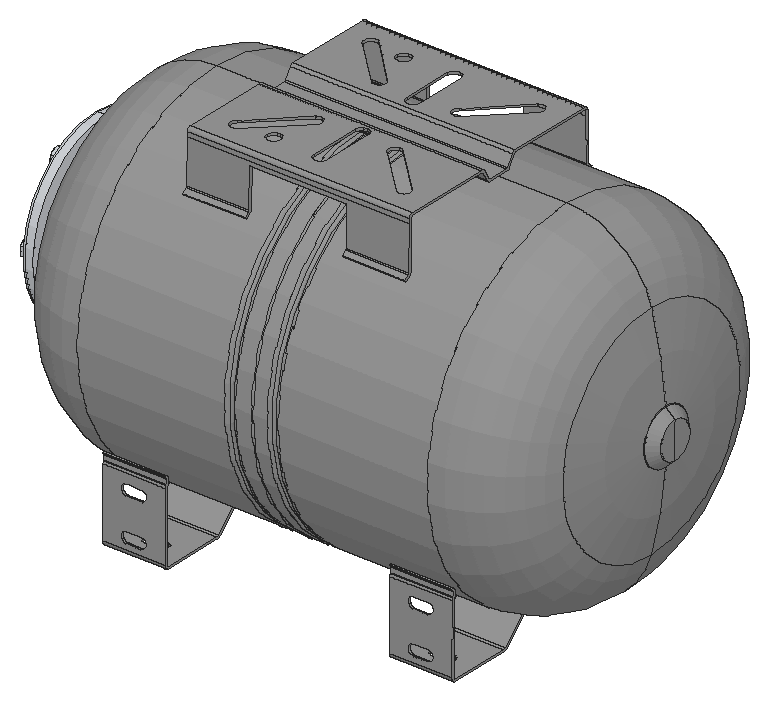
Revit family "WAO 24", category Оборудование, Revit 2014
Parameters
  Описание = "Мембранный бак для водоснабжения V=24л, Py=10бар, 1\""
  Материал крышки = Черная резина
  Материал = Синяя краска
  Масса кг = "5.6"
  Крышка [instance] = yes
  Комментарии к типоразмеру = "WAO 24"
  Изготовитель = "WESTER"  # constant formula
  URL = "http://www.wester.su/"
Reference planes
  plane 1 "По центру (Вперед/Назад)": y = 0
  plane 2: z = 0
  plane 3 "По центру (Влево/Вправо)": x = 0
  plane 4: z = 161.5
Forms (mm)
  Revolve 1, solid, material "Синяя краска" <- "Материал"
    sketch origin (0, 0, 0) x (1, 0, 0) y (0, 0, 1)
      loop
        line (140.406, 301.5) -> (20.46, 301.5)
        arc (20.46, 301.5) -> (19.09, 301.144) -> (18.063, 300.172) r 2.836
        arc (18.063, 300.172) -> (16.063, 299.099) -> (14.063, 300.172) r 2.401
        arc (14.063, 300.172) -> (13.036, 301.144) -> (11.666, 301.5) r 2.836
        line (11.666, 301.5) -> (0.748, 301.5)
        arc (0.748, 301.5) -> (-0.095, 301.783) -> (-0.938, 301.5) r 1.396
        line (-0.938, 301.5) -> (-13.541, 301.5)
        arc (-13.541, 301.5) -> (-14.911, 301.144) -> (-15.938, 300.172) r 2.836
        arc (-15.938, 300.172) -> (-17.938, 299.099) -> (-19.938, 300.172) r 2.401
        arc (-19.938, 300.172) -> (-20.965, 301.144) -> (-22.335, 301.5) r 2.836
        line (-22.335, 301.5) -> (-140.406, 301.5)
        arc (-140.406, 301.5) -> (-182.906, 287.504) -> (-208.773, 250.993) r 71.524
        arc (-208.773, 250.993) -> (-212.698, 236.632) -> (-215.713, 222.054) r 236.797
        line (-215.713, 222.054) -> (-228.445, 209.322) -> (-228.445, 161.5) -> (209.555, 161.5) -> (209.555, 168.355)
        arc (209.555, 168.355) -> (209.626, 168.929) -> (209.883, 169.448) r 1.727
        line (209.883, 169.448) -> (218.608, 181.457)
        arc (218.608, 181.457) -> (219.131, 182.394) -> (219.418, 183.429) r 4.514
        arc (219.418, 183.429) -> (215.771, 217.206) -> (208.29, 250.346) r 296.985
        arc (208.29, 250.346) -> (182.906, 287.28) -> (140.406, 301.5) r 70.62
      axis (-228.445, 161.5) -> (219.418, 161.5)
    angle from 0 to 360
  Revolve 2, solid
    sketch origin (0, 0, 0) x (1, 0, 0) y (0, 0, 1)
      loop
        line (-267.445, 175.601) -> (-267.445, 174.782) -> (-239.445, 174.782) -> (-239.445, 161.5) -> (-228.445, 161.5) -> (-228.445, 235.304) -> (-235.411, 234.694)
        arc (-235.411, 234.694) -> (-238.29, 233.199) -> (-239.445, 230.167) r 4.557
        line (-239.445, 230.167) -> (-239.445, 209.701) -> (-235.342, 197.341)
        arc (-235.342, 197.341) -> (-234.952, 195.475) -> (-235.342, 193.608) r 4.663
        line (-235.342, 193.608) -> (-239.445, 180.189) -> (-239.445, 179.405)
        arc (-239.445, 179.405) -> (-240.671, 179.079) -> (-241.484, 178.103) r 2.095
        line (-241.484, 178.103) -> (-264.942, 178.103) -> (-267.445, 175.601)
      axis (-267.445, 161.5) -> (-228.445, 161.5)
    angle from 0 to 360
  Extrusion 3, solid, material "Синяя краска" <- "Материал"
    sketch origin (0, 0, 0) x (0, 1, 0) y (0, 0, 1)
      loop
        line (93.699, 267.715) -> (90.344, 270.405)
        arc (90.344, 270.405) -> (89.937, 270.911) -> (89.783, 271.542) r 1.5
        line (89.783, 271.542) -> (89, 306.553) -> (89, 310)
        arc (89, 310) -> (88.121, 312.121) -> (86, 313) r 3
        line (86, 313) -> (16.699, 313)
        arc (16.699, 313) -> (15.22, 312.611) -> (14.126, 311.543) r 3
        line (14.126, 311.543) -> (9.437, 303.728)
        arc (9.437, 303.728) -> (8.89, 303.195) -> (8.151, 303) r 1.5
        line (8.151, 303) -> (-8.151, 303)
        arc (-8.151, 303) -> (-8.89, 303.195) -> (-9.437, 303.728) r 1.5
        line (-9.437, 303.728) -> (-14.126, 311.543)
        arc (-14.126, 311.543) -> (-15.22, 312.611) -> (-16.699, 313) r 3
        line (-16.699, 313) -> (-86, 313)
        arc (-86, 313) -> (-88.121, 312.121) -> (-89, 310) r 3
        line (-89, 310) -> (-89, 306.553) -> (-89.783, 271.542)
        arc (-89.783, 271.542) -> (-89.937, 270.911) -> (-90.344, 270.405) r 1.5
        line (-90.344, 270.405) -> (-93.699, 267.715) -> (-92.761, 266.545) -> (-89.406, 269.235)
        arc (-89.406, 269.235) -> (-88.592, 270.247) -> (-88.283, 271.508) r 3
        line (-88.283, 271.508) -> (-87.5, 306.536) -> (-87.5, 310)
        arc (-87.5, 310) -> (-87.061, 311.061) -> (-86, 311.5) r 1.5
        line (-86, 311.5) -> (-16.699, 311.5)
        arc (-16.699, 311.5) -> (-15.96, 311.305) -> (-15.412, 310.772) r 1.5
        line (-15.412, 310.772) -> (-10.723, 302.957)
        arc (-10.723, 302.957) -> (-9.629, 301.889) -> (-8.151, 301.5) r 3
        line (-8.151, 301.5) -> (8.151, 301.5)
        arc (8.151, 301.5) -> (9.629, 301.889) -> (10.723, 302.957) r 3
        line (10.723, 302.957) -> (15.412, 310.772)
        arc (15.412, 310.772) -> (15.96, 311.305) -> (16.699, 311.5) r 1.5
        line (16.699, 311.5) -> (86, 311.5)
        arc (86, 311.5) -> (87.061, 311.061) -> (87.5, 310) r 1.5
        line (87.5, 310) -> (87.5, 306.536) -> (88.283, 271.508)
        arc (88.283, 271.508) -> (88.592, 270.247) -> (89.406, 269.235) r 3
        line (89.406, 269.235) -> (92.761, 266.545) -> (93.699, 267.715)
    from -92.445 to 85.555
  Extrusion 4, solid, material "Синяя краска" <- "Материал"
    sketch origin (0, 0, 0) x (0, 1, 0) y (0, 0, 1)
      loop
        line (105.128, 67.164) -> (104.277, 68.01) -> (103.57, 67.298)
        arc (103.57, 67.298) -> (102.99, 66.416) -> (102.799, 65.378) r 2.656
        line (102.799, 65.378) -> (102.799, 61.46)
        arc (102.799, 61.46) -> (103.025, 60.666) -> (103.46, 59.964) r 2.973
        arc (103.46, 59.964) -> (103.718, 59.517) -> (103.808, 59.008) r 1.502
        line (103.808, 59.008) -> (104, 3.711)
        arc (104, 3.711) -> (103.263, 1.935) -> (101.487, 1.2) r 2.513
        line (101.487, 1.2) -> (53.187, 1.2)
        arc (53.187, 1.2) -> (52.229, 1.39) -> (51.418, 1.933) r 2.5
        line (51.418, 1.933) -> (34.714, 18.651)
        arc (34.714, 18.651) -> (34.411, 19.084) -> (34.274, 19.594) r 1.522
        arc (34.274, 19.594) -> (34.041, 20.488) -> (33.526, 21.255) r 2.766
        line (33.526, 21.255) -> (31.125, 23.656)
        arc (31.125, 23.656) -> (29.896, 24.406) -> (28.457, 24.418) r 2.7
        line (28.457, 24.418) -> (27.508, 24.165) -> (27.819, 23.005) -> (28.767, 23.259)
        arc (28.767, 23.259) -> (29.574, 23.25) -> (30.26, 22.823) r 1.5
        line (30.26, 22.823) -> (32.665, 20.419)
        arc (32.665, 20.419) -> (32.949, 19.989) -> (33.079, 19.489) r 1.566
        arc (33.079, 19.489) -> (33.323, 18.577) -> (33.865, 17.803) r 2.722
        line (33.865, 17.803) -> (50.569, 1.085)
        arc (50.569, 1.085) -> (51.77, 0.282) -> (53.187, 0) r 3.7
        line (53.187, 0) -> (101.487, 0)
        arc (101.487, 0) -> (104.113, 1.087) -> (105.2, 3.713) r 3.713
        line (105.2, 3.713) -> (105.008, 59.013)
        arc (105.008, 59.013) -> (104.845, 59.927) -> (104.382, 60.733) r 2.702
        arc (104.382, 60.733) -> (104.137, 61.118) -> (103.999, 61.553) r 1.773
        line (103.999, 61.553) -> (103.999, 65.391)
        arc (103.999, 65.391) -> (104.102, 65.965) -> (104.422, 66.453) r 1.456
        line (104.422, 66.453) -> (105.128, 67.164)
      loop
        line (-105.128, 67.164) -> (-104.422, 66.453)
        arc (-104.422, 66.453) -> (-104.102, 65.965) -> (-103.999, 65.391) r 1.456
        line (-103.999, 65.391) -> (-103.999, 61.553)
        arc (-103.999, 61.553) -> (-104.137, 61.118) -> (-104.382, 60.733) r 1.773
        arc (-104.382, 60.733) -> (-104.845, 59.927) -> (-105.008, 59.013) r 2.702
        line (-105.008, 59.013) -> (-105.2, 3.713)
        arc (-105.2, 3.713) -> (-104.113, 1.087) -> (-101.487, 0) r 3.713
        line (-101.487, 0) -> (-53.187, 0)
        arc (-53.187, 0) -> (-51.77, 0.282) -> (-50.569, 1.085) r 3.7
        line (-50.569, 1.085) -> (-33.865, 17.803)
        arc (-33.865, 17.803) -> (-33.323, 18.577) -> (-33.079, 19.489) r 2.722
        arc (-33.079, 19.489) -> (-32.949, 19.989) -> (-32.665, 20.419) r 1.566
        line (-32.665, 20.419) -> (-30.26, 22.823)
        arc (-30.26, 22.823) -> (-29.574, 23.25) -> (-28.767, 23.259) r 1.5
        line (-28.767, 23.259) -> (-27.819, 23.005) -> (-27.508, 24.165) -> (-28.457, 24.418)
        arc (-28.457, 24.418) -> (-29.896, 24.406) -> (-31.125, 23.656) r 2.7
        line (-31.125, 23.656) -> (-33.526, 21.255)
        arc (-33.526, 21.255) -> (-34.041, 20.488) -> (-34.274, 19.594) r 2.766
        arc (-34.274, 19.594) -> (-34.411, 19.084) -> (-34.714, 18.651) r 1.522
        line (-34.714, 18.651) -> (-51.418, 1.933)
        arc (-51.418, 1.933) -> (-52.229, 1.39) -> (-53.187, 1.2) r 2.5
        line (-53.187, 1.2) -> (-101.487, 1.2)
        arc (-101.487, 1.2) -> (-103.263, 1.935) -> (-104, 3.711) r 2.513
        line (-104, 3.711) -> (-103.808, 59.008)
        arc (-103.808, 59.008) -> (-103.718, 59.517) -> (-103.46, 59.964) r 1.502
        arc (-103.46, 59.964) -> (-103.025, 60.666) -> (-102.799, 61.46) r 2.973
        line (-102.799, 61.46) -> (-102.799, 65.378)
        arc (-102.799, 65.378) -> (-102.99, 66.416) -> (-103.57, 67.298) r 2.656
        line (-103.57, 67.298) -> (-104.277, 68.01) -> (-105.128, 67.164)
    from -147.445 to -97.445
  Extrusion 5, solid, material "Синяя краска" <- "Материал"
    sketch origin (0, 0, 0) x (0, 1, 0) y (0, 0, 1)
      loop
        line (105.128, 67.164) -> (104.277, 68.01) -> (103.57, 67.298)
        arc (103.57, 67.298) -> (102.99, 66.416) -> (102.799, 65.378) r 2.656
        line (102.799, 65.378) -> (102.799, 61.46)
        arc (102.799, 61.46) -> (103.025, 60.666) -> (103.46, 59.964) r 2.973
        arc (103.46, 59.964) -> (103.718, 59.517) -> (103.808, 59.008) r 1.502
        line (103.808, 59.008) -> (104, 3.711)
        arc (104, 3.711) -> (103.263, 1.935) -> (101.487, 1.2) r 2.513
        line (101.487, 1.2) -> (53.187, 1.2)
        arc (53.187, 1.2) -> (52.229, 1.39) -> (51.418, 1.933) r 2.5
        line (51.418, 1.933) -> (34.714, 18.651)
        arc (34.714, 18.651) -> (34.411, 19.084) -> (34.274, 19.594) r 1.522
        arc (34.274, 19.594) -> (34.041, 20.488) -> (33.526, 21.255) r 2.766
        line (33.526, 21.255) -> (31.125, 23.656)
        arc (31.125, 23.656) -> (29.896, 24.406) -> (28.457, 24.418) r 2.7
        line (28.457, 24.418) -> (27.508, 24.165) -> (27.819, 23.005) -> (28.767, 23.259)
        arc (28.767, 23.259) -> (29.574, 23.25) -> (30.26, 22.823) r 1.5
        line (30.26, 22.823) -> (32.665, 20.419)
        arc (32.665, 20.419) -> (32.949, 19.989) -> (33.079, 19.489) r 1.566
        arc (33.079, 19.489) -> (33.323, 18.577) -> (33.865, 17.803) r 2.722
        line (33.865, 17.803) -> (50.569, 1.085)
        arc (50.569, 1.085) -> (51.77, 0.282) -> (53.187, 0) r 3.7
        line (53.187, 0) -> (101.487, 0)
        arc (101.487, 0) -> (104.113, 1.087) -> (105.2, 3.713) r 3.713
        line (105.2, 3.713) -> (105.008, 59.013)
        arc (105.008, 59.013) -> (104.845, 59.927) -> (104.382, 60.733) r 2.702
        arc (104.382, 60.733) -> (104.137, 61.118) -> (103.999, 61.553) r 1.773
        line (103.999, 61.553) -> (103.999, 65.391)
        arc (103.999, 65.391) -> (104.102, 65.965) -> (104.422, 66.453) r 1.456
        line (104.422, 66.453) -> (105.128, 67.164)
      loop
        line (-105.128, 67.164) -> (-104.422, 66.453)
        arc (-104.422, 66.453) -> (-104.102, 65.965) -> (-103.999, 65.391) r 1.456
        line (-103.999, 65.391) -> (-103.999, 61.553)
        arc (-103.999, 61.553) -> (-104.137, 61.118) -> (-104.382, 60.733) r 1.773
        arc (-104.382, 60.733) -> (-104.845, 59.927) -> (-105.008, 59.013) r 2.702
        line (-105.008, 59.013) -> (-105.2, 3.713)
        arc (-105.2, 3.713) -> (-104.113, 1.087) -> (-101.487, 0) r 3.713
        line (-101.487, 0) -> (-53.187, 0)
        arc (-53.187, 0) -> (-51.77, 0.282) -> (-50.569, 1.085) r 3.7
        line (-50.569, 1.085) -> (-33.865, 17.803)
        arc (-33.865, 17.803) -> (-33.323, 18.577) -> (-33.079, 19.489) r 2.722
        arc (-33.079, 19.489) -> (-32.949, 19.989) -> (-32.665, 20.419) r 1.566
        line (-32.665, 20.419) -> (-30.26, 22.823)
        arc (-30.26, 22.823) -> (-29.574, 23.25) -> (-28.767, 23.259) r 1.5
        line (-28.767, 23.259) -> (-27.819, 23.005) -> (-27.508, 24.165) -> (-28.457, 24.418)
        arc (-28.457, 24.418) -> (-29.896, 24.406) -> (-31.125, 23.656) r 2.7
        line (-31.125, 23.656) -> (-33.526, 21.255)
        arc (-33.526, 21.255) -> (-34.041, 20.488) -> (-34.274, 19.594) r 2.766
        arc (-34.274, 19.594) -> (-34.411, 19.084) -> (-34.714, 18.651) r 1.522
        line (-34.714, 18.651) -> (-51.418, 1.933)
        arc (-51.418, 1.933) -> (-52.229, 1.39) -> (-53.187, 1.2) r 2.5
        line (-53.187, 1.2) -> (-101.487, 1.2)
        arc (-101.487, 1.2) -> (-103.263, 1.935) -> (-104, 3.711) r 2.513
        line (-104, 3.711) -> (-103.808, 59.008)
        arc (-103.808, 59.008) -> (-103.718, 59.517) -> (-103.46, 59.964) r 1.502
        arc (-103.46, 59.964) -> (-103.025, 60.666) -> (-102.799, 61.46) r 2.973
        line (-102.799, 61.46) -> (-102.799, 65.378)
        arc (-102.799, 65.378) -> (-102.99, 66.416) -> (-103.57, 67.298) r 2.656
        line (-103.57, 67.298) -> (-104.277, 68.01) -> (-105.128, 67.164)
    from 82.555 to 132.555
  Extrusion 6, void
    sketch origin (0, 0, 0) x (1, 0, 0) y (0, 1, 0)
      loop
        arc (-66.306, 70.639) -> (-74.084, 70.639) -> (-74.084, 62.861) r 5.5
        line (-74.084, 62.861) -> (-39.436, 28.213)
        arc (-39.436, 28.213) -> (-31.657, 28.213) -> (-31.657, 35.991) r 5.5
        line (-31.657, 35.991) -> (-66.306, 70.639)
      loop
        arc (24.768, 35.991) -> (24.768, 28.213) -> (32.546, 28.213) r 5.5
        line (32.546, 28.213) -> (67.194, 62.861)
        arc (67.194, 62.861) -> (67.194, 70.639) -> (59.416, 70.639) r 5.5
        line (59.416, 70.639) -> (24.768, 35.991)
      loop
        arc (-8.945, 25.75) -> (-3.445, 20.25) -> (2.055, 25.75) r 5.5
        line (2.055, 25.75) -> (2.055, 66.75)
        arc (2.055, 66.75) -> (-3.445, 72.25) -> (-8.945, 66.75) r 5.5
        line (-8.945, 66.75) -> (-8.945, 25.75)
      loop
        arc (-31.657, -35.991) -> (-31.657, -28.213) -> (-39.436, -28.213) r 5.5
        line (-39.436, -28.213) -> (-74.084, -62.861)
        arc (-74.084, -62.861) -> (-74.084, -70.639) -> (-66.306, -70.639) r 5.5
        line (-66.306, -70.639) -> (-31.657, -35.991)
      loop
        line (24.768, -35.991) -> (59.416, -70.639)
        arc (59.416, -70.639) -> (67.194, -70.639) -> (67.194, -62.861) r 5.5
        line (67.194, -62.861) -> (32.546, -28.213)
        arc (32.546, -28.213) -> (24.768, -28.213) -> (24.768, -35.991) r 5.5
      loop
        line (-8.945, -25.75) -> (-8.945, -66.75)
        arc (-8.945, -66.75) -> (-3.445, -72.25) -> (2.055, -66.75) r 5.5
        line (2.055, -66.75) -> (2.055, -25.75)
        arc (2.055, -25.75) -> (-3.445, -20.25) -> (-8.945, -25.75) r 5.5
      loop
        circle (-42.347, 64.994) r 5.559
      loop
        circle (-42.347, -64.994) r 5.559
    from 301.5 to 313
  Extrusion 7, void
    sketch origin (0, 0, 0) x (1, 0, 0) y (0, 1, 0)
      loop
        arc (-116.945, 78.5) -> (-112.445, 83) -> (-116.945, 87.5) r 4.5
        line (-116.945, 87.5) -> (-127.945, 87.5)
        arc (-127.945, 87.5) -> (-132.445, 83) -> (-127.945, 78.5) r 4.5
        line (-127.945, 78.5) -> (-116.945, 78.5)
      loop
        line (-127.945, -87.5) -> (-116.945, -87.5)
        arc (-116.945, -87.5) -> (-112.445, -83) -> (-116.945, -78.5) r 4.5
        line (-116.945, -78.5) -> (-127.945, -78.5)
        arc (-127.945, -78.5) -> (-132.445, -83) -> (-127.945, -87.5) r 4.5
      loop
        arc (113.055, 78.5) -> (117.555, 83) -> (113.055, 87.5) r 4.5
        line (113.055, 87.5) -> (102.055, 87.5)
        arc (102.055, 87.5) -> (97.555, 83) -> (102.055, 78.5) r 4.5
        line (102.055, 78.5) -> (113.055, 78.5)
      loop
        line (113.055, -78.5) -> (102.055, -78.5)
        arc (102.055, -78.5) -> (97.555, -83) -> (102.055, -87.5) r 4.5
        line (102.055, -87.5) -> (113.055, -87.5)
        arc (113.055, -87.5) -> (117.555, -83) -> (113.055, -78.5) r 4.5
    from 0 to 14.349
  Extrusion 8, void
    sketch origin (0, 0, 0) x (1, 0, 0) y (0, 0, 1)
      loop
        arc (-116.945, 42.509) -> (-112.445, 47.009) -> (-116.945, 51.509) r 4.5
        line (-116.945, 51.509) -> (-127.945, 51.509)
        arc (-127.945, 51.509) -> (-132.445, 47.009) -> (-127.945, 42.509) r 4.5
        line (-127.945, 42.509) -> (-116.945, 42.509)
      loop
        line (-116.945, 17.513) -> (-127.945, 17.513)
        arc (-127.945, 17.513) -> (-132.445, 13.013) -> (-127.945, 8.513) r 4.5
        line (-127.945, 8.513) -> (-116.945, 8.513)
        arc (-116.945, 8.513) -> (-112.445, 13.013) -> (-116.945, 17.513) r 4.5
      loop
        line (102.055, 8.513) -> (113.055, 8.513)
        arc (113.055, 8.513) -> (117.555, 13.013) -> (113.055, 17.513) r 4.5
        line (113.055, 17.513) -> (102.055, 17.513)
        arc (102.055, 17.513) -> (97.555, 13.013) -> (102.055, 8.513) r 4.5
      loop
        arc (113.055, 42.509) -> (117.555, 47.009) -> (113.055, 51.509) r 4.5
        line (113.055, 51.509) -> (102.055, 51.509)
        arc (102.055, 51.509) -> (97.555, 47.009) -> (102.055, 42.509) r 4.5
        line (102.055, 42.509) -> (113.055, 42.509)
    from 94.698 to 114.681
  Extrusion 9, void
    sketch origin (0, 0, 0) x (1, 0, 0) y (0, 0, -1)
      loop
        line (-116.945, -42.509) -> (-127.945, -42.509)
        arc (-127.945, -42.509) -> (-132.445, -47.009) -> (-127.945, -51.509) r 4.5
        line (-127.945, -51.509) -> (-116.945, -51.509)
        arc (-116.945, -51.509) -> (-112.445, -47.009) -> (-116.945, -42.509) r 4.5
      loop
        arc (-116.945, -17.513) -> (-112.445, -13.013) -> (-116.945, -8.513) r 4.5
        line (-116.945, -8.513) -> (-127.945, -8.513)
        arc (-127.945, -8.513) -> (-132.445, -13.013) -> (-127.945, -17.513) r 4.5
        line (-127.945, -17.513) -> (-116.945, -17.513)
      loop
        arc (102.055, -8.513) -> (97.555, -13.013) -> (102.055, -17.513) r 4.5
        line (102.055, -17.513) -> (113.055, -17.513)
        arc (113.055, -17.513) -> (117.555, -13.013) -> (113.055, -8.513) r 4.5
        line (113.055, -8.513) -> (102.055, -8.513)
      loop
        line (113.055, -42.509) -> (102.055, -42.509)
        arc (102.055, -42.509) -> (97.555, -47.009) -> (102.055, -51.509) r 4.5
        line (102.055, -51.509) -> (113.055, -51.509)
        arc (113.055, -51.509) -> (117.555, -47.009) -> (113.055, -42.509) r 4.5
    from 94.698 to 114.681
  Extrusion 10, void
    sketch origin (0, 0, 0) x (0, 1, 0) y (0, 0, 1)
      loop
        line (-89.079, 303.034) -> (-89.783, 271.542)
        arc (-89.783, 271.542) -> (-89.937, 270.911) -> (-90.344, 270.405) r 1.5
        line (-90.344, 270.405) -> (-93.699, 267.715) -> (-92.761, 266.545) -> (-89.406, 269.235)
        arc (-89.406, 269.235) -> (-88.592, 270.247) -> (-88.283, 271.508) r 3
        line (-88.283, 271.508) -> (-87.578, 303.034) -> (-89.079, 303.034)
    from -42.445 to 35.555
  Extrusion 11, void
    sketch origin (0, 0, 0) x (0, -1, 0) y (0, 0, -1)
      loop
        line (-89.079, -303.034) -> (-87.578, -303.034) -> (-88.283, -271.508)
        arc (-88.283, -271.508) -> (-88.592, -270.247) -> (-89.406, -269.235) r 3
        line (-89.406, -269.235) -> (-92.761, -266.545) -> (-93.699, -267.715) -> (-90.344, -270.405)
        arc (-90.344, -270.405) -> (-89.937, -270.911) -> (-89.783, -271.542) r 1.5
        line (-89.783, -271.542) -> (-89.079, -303.034)
    from -42.445 to 35.555
  Revolve 12, solid
    sketch origin (0, 0, 0) x (1, 0, 0) y (0, 0, 1)
      loop
        line (225.528, 165.524) -> (214.055, 165.524) -> (214.055, 167.524) -> (209.555, 167.524) -> (209.555, 161.5) -> (226.555, 161.5) -> (226.555, 164.497) -> (225.528, 165.524)
      axis (209.555, 161.5) -> (226.555, 161.5)
    angle from 0 to 360
  Revolve 13, solid, material "Черная резина" <- "Материал крышки", visible <- "Крышка"
    sketch origin (0, 0, 0) x (1, 0, 0) y (0, 0, 1)
      loop
        line (209.555, 161.5) -> (227.173, 161.5) -> (227.173, 176.05) -> (219.958, 183.265) -> (209.555, 168.947) -> (209.555, 161.5)
      axis (209.555, 161.5) -> (227.173, 161.5)
    angle from 0 to 360
Cuts and joins
  Extrusion 6, Extrusion 10, Extrusion 11 cuts Extrusion 3
  Extrusion 7, Extrusion 8, Extrusion 9 cuts Extrusion 4
  Extrusion 7, Extrusion 8, Extrusion 9 cuts Extrusion 5
Dimensions and locks
  aligned and locked: level to plane 2
  aligned and locked: Revolve 1 sketch curve to plane 4
  aligned and locked: Revolve 2 sketch curve to plane 4
  aligned and locked: cut or joined group of Extrusion 3, Extrusion 6, Extrusion 10, Extrusion 11 to Extrusion 10 sketch curve
  aligned and locked: Extrusion 10 sketch curve to cut or joined group of Extrusion 3, Extrusion 6, Extrusion 10, Extrusion 11  (x4)
Nested families
  nested 1: "Болт" at (-239.445, -59.993, 161.5) x (0, 0, 1) z (-1, 0, 0), type "Болт"
  nested 2: "Болт" at (-239.445, -29.993, 213.458) x (0, 0, 1) z (-1, 0, 0), type "Болт"
  nested 3: "Болт" at (-239.445, 30, 213.454) x (0, 0, 1) z (-1, 0, 0), type "Болт"
  nested 4: "Болт" at (-239.445, 59.993, 161.5) x (0, 0, 1) z (-1, 0, 0), type "Болт"
  nested 5: "Болт" at (-239.445, 29.993, 109.542) x (0, 0, 1) z (-1, 0, 0), type "Болт"
  nested 6: "Болт" at (-239.445, -30, 109.546) x (0, 0, 1) z (-1, 0, 0), type "Болт"
Connectors
  piping at (-267.445, 0, 161.5), diameter 1
    settings: on Revolve 2, index 1, connector inside diameter 609.6 mm, connector length 0 mm, flow factor 0, pipe flow 0.0 L/s, pressure drop 0.0 Pa, fitting loss kfactor 0, connector angle 0.00°, fixture units 0, engagement length 0 mm, angle of deflection 0.00°, flow configuration 1, flow direction 0, fitting loss method 0, system type 29, joint type 0, gender type 0, connector reference index -1, connector utility 0, adjustable connector no, is connector primary yes, connector description ""
Definition of nested family "Болт"
  Parameters (values of type "Болт")
    Default Elevation = 1219.2 mm
  Reference planes
    plane 1 "По центру (Вперед/Назад)": y = 0
    plane 2: z = 0
    plane 3 "По центру (Влево/Вправо)": x = 0
  Forms (mm)
    Extrusion 1, solid
      sketch origin (0, 0, 0) x (1, 0, 0) y (0, 1, 0)
        loop
          line (-1219.2, 1219.2) -> (-1219.2, -1219.2) -> (1219.2, -1219.2) -> (1219.2, 1219.2) -> (-1219.2, 1219.2)
      from 0 to -304.8
    Extrusion 2, solid, detail levels medium+fine
      sketch origin (0, 0, 0) x (0, 1, 0) y (-1, 0, 0)
        loop
          line (-6.5, -3.753) -> (0, -7.506) -> (6.5, -3.753) -> (6.5, 3.753) -> (0, 7.506) -> (-6.5, 3.753) -> (-6.5, -3.753)
      from 0 to 5.3
    Extrusion 3, solid, detail levels medium+fine
      sketch origin (0, 0, 0) x (1, 0, 0) y (0, 1, 0)
        loop
          circle (0, 0) r 4
      from -14 to 0
    Revolve 4, void
      sketch origin (0, 0, 0) x (1, 0, 0) y (0, 0, 1)
        loop
          line (-7.506, 4.447) -> (-6.413, 5.3) -> (-7.506, 5.3) -> (-7.506, 4.447)
        axis (0, 5.3) -> (0, 4.3)
      angle from 0 to 360
    Revolve 5, void
      sketch origin (0, 0, 0) x (1, 0, 0) y (0, 0, 1)
        loop
          line (-4, -14) -> (-2.365, -14) -> (-4, -12.365) -> (-4, -14)
        axis (0, -12.365) -> (0, -14)
      angle from 0 to 360
  Cuts and joins
    Revolve 4 cuts Extrusion 2
    Revolve 5 cuts Extrusion 3
    joined: Extrusion 2, Extrusion 3
  Dimensions and locks
    aligned and locked: plane 2 to Extrusion 1
    aligned and locked: level to Extrusion 1
    aligned and locked: Revolve 4 sketch curve to plane 3 "По центру (Влево/Вправо)"
    aligned and locked: cut or joined group of Extrusion 2, Extrusion 3, Revolve 4, Revolve 5 to Revolve 4 sketch curve
